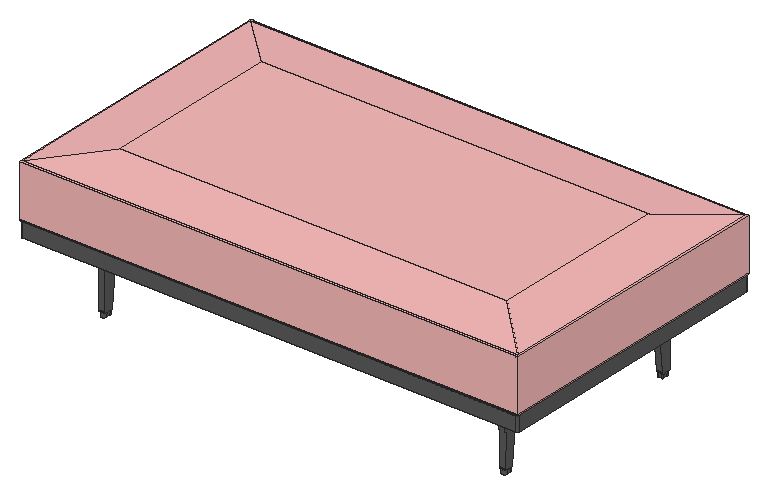
Revit family "Haworth_Lyda_Bench", category Furniture, Revit 2018
Family settings
  OmniClass Number = 23.40.70.14.64.21
  OmniClass Title = Systems Furniture
  Work Plane-Based = No
  Always vertical = Yes
  Cut with Voids When Loaded = No
  Shared = No
  Room Calculation Point = No
Parameters (values of type "Two Seat Bench")
  Warranty = "http://www.haworth.com/resources/product-info/warranties"
  Upholstery Finish [instance] = Haworth _ Fabric _ Atlas _ 501 LW-G
  URL - Product = "https://www.haworth.com/na/en/products/lounge-sofas/ottomans/lydalounge.html"
  URL = "www.haworth.com"
  Two Seats = yes
  Sustainability Info = "https://www.haworth.com/company-info/sustainability"
  Standard Width = "42.5, 56.5 in"  # constant formula
  Standard Depth = "32.75 in"  # constant formula
  Size = "Verify Final Dim. w/ Haworth"  # constant formula
  Revision Number = "1"  # constant formula
  One Seat = not(Two Seats)  # no
  Model = "HCCL-LYB2-22X"
  Manufacturer = "Haworth"  # constant formula
  Leg Offset = 5 1/2"  # constant formula
  Leg Finish = Haworth _ Paint _ Black
  Description = "Haworth - Lyda - Bench - Two Seat"
  Cushion Width = if(One Seat, 42 1/2", 56 1/2")  # 56 1/2"
  Cushion Depth = 32 1/4"  # constant formula
  Base Finish [instance] = Haworth _ Paint _ Black
  Author = "Haworth (Abd Rahman)"  # constant formula
  Assembly Code = "E2020200"
  Actual Width = if(One Seat, 42 1/2", 56 1/2")  # 56 1/2"
  Actual Height = 17"  # constant formula
  Actual Depth = 32 3/4"
Types (2): name | Two Seats | One Seat | Description | Cushion Width | Actual Width
  One Seat Bench | no | yes | "Haworth - Lyda - Bench - One Seat" | 42 1/2" | 42 1/2"
  Two Seat Bench | yes | no | "Haworth - Lyda - Bench - Two Seat" | 56 1/2" | 56 1/2"
Reference planes (in)
  plane 1: z = 0
  plane 2 "Center L/R": x = -6.17556
  plane 3 "Center F/B": y = -11.5
  plane 4 "Back": y = 4.875
  plane 5 "Front": y = -27.875
  plane 6 "Right": x = 22.07444
  plane 7 "Left": x = -34.42556
  plane 8: z = 17
  plane 9: z = 8.24731
  plane 10: z = 9.90088
  plane 11: z = 7.9995
  plane 12: x = -28.92556
  plane 13: x = 16.57444
Forms (in)
  Extrusion 1, solid, material "Haworth _ Paint _ Black" <- "Base Finish"
    sketch origin (0, 0, 0) x (1, 0, 0) y (0, 1, 0)
      loop
        arc (-34.1677, 4.875) -> (-34.35003, 4.79948) -> (-34.42556, 4.61715) r 0.25785
        line (-34.42556, 4.61715) -> (-34.42556, -27.625)
        arc (-34.42556, -27.625) -> (-34.35233, -27.80178) -> (-34.17556, -27.875) r 0.25
        line (-34.17556, -27.875) -> (21.82444, -27.875)
        arc (21.82444, -27.875) -> (22.00122, -27.80178) -> (22.07444, -27.625) r 0.25
        line (22.07444, -27.625) -> (22.07444, 4.625)
        arc (22.07444, 4.625) -> (22.00122, 4.80178) -> (21.82444, 4.875) r 0.25
        line (21.82444, 4.875) -> (-34.1677, 4.875)
    from 8.24731 to 9.90088
Lines and regions (in)
  Masking region 1
    outline origin (0, 0, 0) x (1, 0, 0) y (0, 1, 0)
      loop
        line (21.82444, 4.875) -> (-34.1677, 4.875)
        arc (-34.1677, 4.875) -> (-34.35003, 4.79948) -> (-34.42556, 4.61715) r 0.25785
        line (-34.42556, 4.61715) -> (-34.42556, -27.625)
        arc (-34.42556, -27.625) -> (-34.35233, -27.80178) -> (-34.17556, -27.875) r 0.25
        line (-34.17556, -27.875) -> (21.82444, -27.875)
        arc (21.82444, -27.875) -> (22.00122, -27.80178) -> (22.07444, -27.625) r 0.25
        line (22.07444, -27.625) -> (22.07444, 4.625)
        arc (22.07444, 4.625) -> (22.00122, 4.80178) -> (21.82444, 4.875) r 0.25
Dimensions and locks (in)
  equal spacing: plane 7 "Left", plane 2 "Center L/R", plane 6 "Right"
  "Actual Width": plane 7 "Left" to plane 6 "Right"
  equal spacing: plane 4 "Back", plane 3 "Center F/B", plane 5 "Front"
  "Actual Depth": plane 4 "Back" to plane 5 "Front"
  "Actual Height": plane 8 to level
  "Leg Offset": plane 7 "Left" to plane 12
  "Leg Offset": plane 13 to plane 6 "Right"
  aligned and locked: Extrusion 1 to plane 10
  aligned and locked: plane 9 to Extrusion 1
  aligned and locked: plane 2 "Center L/R" to nested 5
  aligned and locked: plane 3 "Center F/B" to nested 5
  aligned and locked: Extrusion 1 sketch curve to plane 7 "Left"
  aligned and locked: Extrusion 1 sketch curve to plane 6 "Right"
  aligned and locked: Extrusion 1 sketch curve to plane 4 "Back"
  aligned and locked: Extrusion 1 sketch curve to plane 5 "Front"
  aligned and locked: plane 10 to nested 5
  aligned and locked: plane 12 to nested 4
  aligned and locked: nested 2 to plane 12
  aligned and locked: plane 13 to nested 3
  aligned and locked: nested 1 to plane 13
  aligned and locked: Masking region 1 to plane 7 "Left"
  aligned and locked: Masking region 1 to plane 5 "Front"
  aligned and locked: plane 6 "Right" to Masking region 1
  aligned and locked: plane 4 "Back" to Masking region 1
Automatic sketch dimensions
  plane 7 "Left" to Extrusion 1 sketch curve = 1/4"
  Extrusion 1 sketch curve to plane 4 "Back" = 0.25785"
  Extrusion 1 sketch curve to plane 4 "Back" = 1/4"
  Extrusion 1 sketch curve to plane 6 "Right" = 1/4"
  Masking region 1 sketch curve to plane 7 "Left" = 0"
  Masking region 1 sketch curve to plane 5 "Front" = 0"
  Masking region 1 sketch curve to plane 4 "Back" = 0"
  Masking region 1 sketch curve to plane 6 "Right" = 0"
  Masking region 1 sketch curve to Masking region 1 sketch curve = 1/4"  (x2)
  plane 7 "Left" to Masking region 1 sketch curve = 0.25785"
  Masking region 1 sketch curve to plane 4 "Back" = 1/4"
Nested families (in)
  nested 1: "Haworth_Lyda_Leg_PART" at (22.70458, -7.34296, 0), Support Finish <- "Leg Finish", type "Leg - PART"
    with Support Finish Haworth _ Paint _ Black
  nested 2: "Haworth_Lyda_Leg_PART" at (-35.05569, -7.34296, 0) x (-1, 0, 0) z (0, 0, 1), Support Finish <- "Leg Finish", type "Leg - PART"
    with Support Finish Haworth _ Paint _ Black
  nested 3: "Haworth_Lyda_Leg_PART" at (22.70458, -15.65704, 0), Support Finish <- "Leg Finish", type "Leg - PART"
    with Support Finish Haworth _ Paint _ Black
  nested 4: "Haworth_Lyda_Leg_PART" at (-35.05569, -15.65704, 0) x (-1, 0, 0) z (0, 0, 1), Support Finish <- "Leg Finish", type "Leg - PART"
    with Support Finish Haworth _ Paint _ Black
  nested 5: "Haworth_Lyda_Cushion_Rectangle_PART" at (0, 3.39849, 0), Cushion Finish <- "Upholstery Finish", type "Cushion - PART"
    with Cushion Finish Haworth _ Fabric _ Atlas _ 501 LW-G
Definition of nested family "Haworth_Lyda_Leg_PART"
  Parameters (values of type "Leg - PART")
    Warranty = "http://www.haworth.com/resources/product-info/warranties"
    URL - Product = "https://www.haworth.com/na/en/products/lounge-sofas/ottomans/lydalounge.html"
    URL = "www.haworth.com"
    Sustainability Info = "https://www.haworth.com/company-info/sustainability"
    Support Finish [instance] = none
    Size = "Verify Final Dim. w/ Haworth"  # constant formula
    Revision Number = "1"  # constant formula
    Model = "Haworth Lyda"  # constant formula
    Manufacturer = "Haworth"  # constant formula
    Description = "Haworth - Lyda - Leg PART"  # constant formula
    Author = "Haworth (Abd Rahman)"  # constant formula
    Assembly Code = "E2020200"
    Actual Width = 3 1/4"  # constant formula
    Actual Height = 8 63/256"  # constant formula
    Actual Depth = 7 241/256"  # constant formula
  Reference planes (in)
    plane 1: z = 0
    plane 2: z = 8.24609
    plane 3: z = 7.9995
    plane 4 "Center (Front/Back)": y = -11.89763
    plane 5 "Right": x = -4.50514
    plane 6 "Left": x = -7.75514
    plane 7 "Center (Left/Right)": x = -6.13014
    plane 8 "Front": y = -15.86833
    plane 9 "Back": y = -7.92693
  Forms (in)
    Blend 1, solid, material <- "Support Finish"
      base sketch origin (-15.7151, 7.34424, 0) x (1, 0, 0) y (0, 1, 0)
        loop
          arc (10.9737, -15.75611) -> (10.90047, -15.57933) -> (10.7237, -15.50611) r 0.25
          line (10.7237, -15.50611) -> (8.44615, -15.50611)
          arc (8.44615, -15.50611) -> (8.26938, -15.57933) -> (8.19615, -15.75611) r 0.25
          line (8.19615, -15.75611) -> (8.19615, -22.72652)
          arc (8.19615, -22.72652) -> (8.28096, -22.91416) -> (8.47783, -22.97451) r 0.25
          line (8.47783, -22.97451) -> (9.08232, -22.89729)
          arc (9.08232, -22.89729) -> (9.58492, -23.2126) -> (10.08752, -22.89729) r 0.55823
          line (10.08752, -22.89729) -> (10.69202, -22.97451)
          arc (10.69202, -22.97451) -> (10.88889, -22.91416) -> (10.9737, -22.72652) r 0.25
          line (10.9737, -22.72652) -> (10.9737, -15.75611)
      top sketch origin (-15.7151, 7.34424, 0) x (1, 0, 0) y (0, 1, 0)
        loop
          arc (7.95996, -22.71316) -> (8.10642, -23.06673) -> (8.45999, -23.21316) r 0.5
          line (8.45999, -23.21316) -> (10.70997, -23.21304)
          arc (10.70997, -23.21304) -> (11.06351, -23.06658) -> (11.20994, -22.71304) r 0.5
          line (11.20994, -22.71304) -> (11.20994, -15.76992)
          arc (11.20994, -15.76992) -> (11.0635, -15.41636) -> (10.70994, -15.26992) r 0.5
          line (10.70994, -15.26992) -> (8.45996, -15.26992)
          arc (8.45996, -15.26992) -> (8.10641, -15.41636) -> (7.95996, -15.76992) r 0.5
          line (7.95996, -15.76992) -> (7.95996, -22.71316)
      from 7.9995 to 8.24731
    Extrusion 2, solid, material <- "Support Finish"
      sketch origin (-0.64065, 7.34424, 0) x (0, 1, 0) y (0, 0, 1)
        loop
          arc (-22.89729, 7.9995) -> (-23.09889, 8.06946) -> (-23.21382, 8.24927) r 0.32546
          line (-23.21382, 8.24927) -> (-23.14652, 0.56683)
          arc (-23.14652, 0.56683) -> (-23.12554, 0.5171) -> (-23.07562, 0.49656) r 0.0709
          line (-23.07562, 0.49656) -> (-22.29789, 0.49656)
          arc (-22.29789, 0.49656) -> (-22.25795, 0.51209) -> (-22.23899, 0.55052) r 0.05913
          arc (-22.23899, 0.55052) -> (-22.04885, 2.57156) -> (-21.83293, 4.59) r 159.07204
          arc (-21.83293, 4.59) -> (-21.73327, 5.12242) -> (-21.55814, 5.63499) r 3.75965
          arc (-21.55814, 5.63499) -> (-21.10365, 6.18486) -> (-20.4224, 6.39658) r 1.25
          line (-20.4224, 6.39658) -> (-17.30777, 6.4338)
          arc (-17.30777, 6.4338) -> (-16.18821, 6.89165) -> (-15.70269, 7.9995) r 1.61124
          line (-15.70269, 7.9995) -> (-22.89729, 7.9995)
      from -5.85929 to -5.16531
    Extrusion 3, solid, material <- "Support Finish"
      sketch origin (-15.7151, 7.34424, 0) x (1, 0, 0) y (0, 1, 0)
        loop
          arc (9.27139, -22.83335) -> (9.58492, -23.14688) -> (9.89846, -22.83335) r 0.31353
          line (9.89846, -22.83335) -> (9.89846, -22.36609)
          arc (9.89846, -22.36609) -> (9.86123, -22.27621) -> (9.77135, -22.23898) r 0.12711
          line (9.77135, -22.23898) -> (9.39989, -22.23898)
          arc (9.39989, -22.23898) -> (9.30903, -22.27662) -> (9.27139, -22.36748) r 0.1285
          line (9.27139, -22.36748) -> (9.27139, -22.83335)
      from 0 to 0.49656
  Cuts and joins
    joined: Blend 1, Extrusion 2, Extrusion 3
  Lines and regions (in)
    symbolic lines
      curve 1: line (-4.50515, -15.3688, 0) -> (-4.50515, -8.42567, 0)
      curve 2: arc (-4.50515, -8.42567, 0) -> (-4.6516, -8.07212, 0) -> (-5.00515, -7.92567, 0) r 0.5
      curve 3: line (-5.00515, -7.92567, 0) -> (-7.25514, -7.92567, 0)
      curve 4: arc (-7.25514, -7.92567, 0) -> (-7.60869, -8.07212, 0) -> (-7.75514, -8.42567, 0) r 0.5
      curve 5: line (-7.75514, -8.42567, 0) -> (-7.75514, -15.36892, 0)
      curve 6: arc (-7.75514, -15.36892, 0) -> (-7.60869, -15.72248, 0) -> (-7.25514, -15.86892, 0) r 0.5
      curve 7: arc (-5.00513, -15.8688, 0) -> (-4.65159, -15.72234, 0) -> (-4.50515, -15.3688, 0) r 0.5
      curve 8: line (-7.25514, -15.86892, 0) -> (-5.00511, -15.86892, 0)
  Dimensions and locks (in)
    equal spacing: plane 6 "Left", plane 7 "Center (Left/Right)", plane 5 "Right"
    "Actual Width": plane 6 "Left" to plane 5 "Right"
    equal spacing: plane 8 "Front", plane 4 "Center (Front/Back)", plane 9 "Back"
    "Actual Depth": plane 8 "Front" to plane 9 "Back"
    "Actual Height": plane 2 to level
  Automatic sketch dimensions
    Blend 1 sketch curve to Blend 1 sketch curve = 1/4"  (x3)
    Blend 1 sketch curve to Blend 1 sketch curve = 0.03168"  (x2)
    Blend 1 sketch curve to Blend 1 sketch curve = 0.60449"  (x2)
    Blend 1 sketch curve to Blend 1 sketch curve = 0.5026"  (x2)
    Blend 1 sketch curve to Blend 1 sketch curve = 2.27754"
    Blend 1 sketch curve to Blend 1 sketch curve = 0"
    Blend 1 sketch curve to Blend 1 sketch curve = 0.07722"
    Blend 1 sketch curve to Blend 1 sketch curve = 0.24292"
    Blend 1 sketch curve to Blend 1 sketch curve = 1/2"  (x3)
    Blend 1 sketch curve to Blend 1 sketch curve = 0.00003"  (x2)
    Blend 1 sketch curve to Blend 1 sketch curve = 2 1/4"  (x2)
    Blend 1 sketch curve to Blend 1 sketch curve = 0.00012"
    plane 3 to Extrusion 2 sketch curve = 0"
    Extrusion 2 sketch curve to plane 2 = 0.00318"
    level to Extrusion 2 sketch curve = 0.56683"
    Extrusion 2 sketch curve to Extrusion 2 sketch curve = 0.0709"
    Extrusion 2 sketch curve to Extrusion 2 sketch curve = 0.31654"
    Extrusion 2 sketch curve to Extrusion 2 sketch curve = 0.77773"
    plane 3 to Extrusion 2 sketch curve = 1.60292"
    Extrusion 2 sketch curve to Extrusion 2 sketch curve = 2.47489"
    Extrusion 2 sketch curve to Extrusion 2 sketch curve = 0.01494"
    Extrusion 2 sketch curve to Extrusion 2 sketch curve = 2.31023"
    Extrusion 2 sketch curve to plane 3 = 0.04553"
    Extrusion 2 sketch curve to Extrusion 2 sketch curve = 3.10911"
    plane 3 to Extrusion 2 sketch curve = 1.5657"
    Extrusion 2 sketch curve to Extrusion 2 sketch curve = 0.00552"
    Extrusion 2 sketch curve to level = 13.33836"
    Extrusion 2 sketch curve to Extrusion 2 sketch curve = 0.07028"
    Extrusion 2 sketch curve to Extrusion 2 sketch curve = 0.05913"
    Extrusion 2 sketch curve to Extrusion 2 sketch curve = 2.26753"
    Extrusion 2 sketch curve to Extrusion 2 sketch curve = 1.24991"
    Extrusion 2 sketch curve to Extrusion 2 sketch curve = 0"  (x2)
    Extrusion 3 sketch curve to Extrusion 3 sketch curve = 0.1285"
    Extrusion 3 sketch curve to Extrusion 3 sketch curve = 0.31353"
    Extrusion 3 sketch curve to Extrusion 3 sketch curve = 0.12711"
    Extrusion 3 sketch curve to Extrusion 3 sketch curve = 0.46587"
    Blend 1 sketch curve to plane 6 "Left" = 0.23619"
    Blend 1 sketch curve to plane 6 "Left" = 0"
    Extrusion 3 sketch curve to plane 6 "Left" = 1.31143"
    Blend 1 sketch curve to plane 4 "Center (Front/Back)" = 3.48576"
    Blend 1 sketch curve to plane 4 "Center (Front/Back)" = 3.47195"
    Extrusion 2 sketch curve to Extrusion 2 sketch curve = 151.92826"
    plane 4 "Center (Front/Back)" to Blend 1 sketch curve = 3.4125"
    plane 4 "Center (Front/Back)" to Blend 1 sketch curve = 3.47117"
    plane 4 "Center (Front/Back)" to Extrusion 2 sketch curve = 3.97195"
    plane 4 "Center (Front/Back)" to Extrusion 2 sketch curve = 3.90465"
    plane 4 "Center (Front/Back)" to Extrusion 3 sketch curve = 3.59148"
    curve 6 to plane 6 "Left" = 0"
    curve 6 to plane 6 "Left" = 1/2"
    curve 3 to plane 9 "Back" = 0.00125"
    curve 3 to plane 6 "Left" = 1/2"
    plane 5 "Right" to curve 7 = 1/2"
    plane 5 "Right" to curve 2 = 1/2"
    plane 5 "Right" to curve 1 = 0"
    curve 1 to plane 8 "Front" = 0.49953"
    curve 6 to plane 8 "Front" = 0.49941"
    plane 8 "Front" to curve 7 = 0.00047"
    curve 7 to curve 8 = 0"
    curve 8 to curve 7 = 0.00012"
Definition of nested family "Haworth_Lyda_Cushion_Rectangle_PART"
  Parameters (values of type "Cushion - PART")
    Warranty = "http://www.haworth.com/resources/product-info/warranties"
    URL - Product = "https://www.haworth.com/na/en/products/lounge-sofas/ottomans/lydalounge.html"
    URL = "www.haworth.com"
    Sustainability Info = "https://www.haworth.com/company-info/sustainability"
    Size = "Verify Final Dim. w/ Haworth"  # constant formula
    Seat Height = 17"  # constant formula
    Revision Number = "1"  # constant formula
    Model = "Haworth - Lyda"  # constant formula
    Manufacturer = "Haworth"  # constant formula
    Description = "Haworth - Lyda - Lounge - Cushion - Rectangle - PART"  # constant formula
    Cushion Finish [instance] = none
    Author = "Haworth (Abd Rahman)"  # constant formula
    Assembly Code = "E2020200"
    Actual Width = 56 1/2"
    Actual Height = 30 1/4"  # constant formula
    Actual Depth = 32 3/4"
  Reference planes (in)
    plane 1: z = 0
    plane 2 "Center L/R": x = -6.17556
    plane 3 "Front": y = -31.27349
    plane 4 "Right": x = 22.07444
    plane 5 "Left": x = -34.42556
    plane 6: z = 17
    plane 7: z = 8.24731
    plane 8: z = 9.90088
    plane 9: z = 7.9995
    plane 10: z = 30.25
    plane 11: x = -24.42556
    plane 12: x = 12.07444
    plane 13 "Back": y = 1.47651
    plane 14 "Center (Front/Back)": y = -14.89849
    plane 15: y = -8.52534
    plane 16: y = -21.27349
  Forms (in)
    Extrusion 1, solid, material <- "Cushion Finish"
      sketch origin (0, 0, 0) x (1, 0, 0) y (0, 1, 0)
        loop
          line (-24.42556, -8.52534) -> (-24.42556, -21.27349) -> (12.07444, -21.27349) -> (12.07444, -8.52534) -> (-24.42556, -8.52534)
      from 9.90088 to 16.68463
    Sweep 2, solid, material <- "Cushion Finish"
      path in 3D
        loop
          line (12.07444, -8.52534, 16.68463) -> (-24.42556, -8.52534, 16.68463) -> (-24.42556, -21.27349, 16.68463) -> (12.07444, -21.27349, 16.68463) -> (12.07444, -8.52534, 16.68463)
      profile origin (12.07444, -14.89941, 16.68463) x (-1, 0, 0) y (0, 0, 1)
        loop
          line (0, 0) -> (-3.70108, 0)
          arc (-3.70108, 0) -> (-6.80163, -0.15611) -> (-9.87082, -0.62287) r 30.86799
          arc (-9.87082, -0.62287) -> (-9.9636, -0.67895) -> (-10, -0.78107) r 0.16145
          line (-10, -0.78107) -> (-10, -6.65029)
          arc (-10, -6.65029) -> (-9.96149, -6.74327) -> (-9.8685, -6.78179) r 0.1315
          line (-9.8685, -6.78179) -> (0, -6.78179) -> (0, 0)
  Cuts and joins
    joined: Extrusion 1, Sweep 2
  Lines and regions (in)
    Masking region 1
      outline origin (0, 0, 0) x (1, 0, 0) y (0, 1, 0)
        loop
          line (-34.42736, 1.47641) -> (-34.42736, -31.27524) -> (22.07625, -31.27524) -> (22.07625, 1.47641) -> (-34.42736, 1.47641)
    sketch lines
      curve 1: line (12.07444, -21.27349, 16.68463) -> (12.07444, -8.52534, 16.68463)
      curve 2: line (12.07444, -8.52534, 16.68463) -> (-24.42556, -8.52534, 16.68463)
      curve 3: line (-24.42556, -8.52534, 16.68463) -> (-24.42556, -21.27349, 16.68463)
      curve 4: line (-24.42556, -21.27349, 16.68463) -> (12.07444, -21.27349, 16.68463)
  Dimensions and locks (in)
    equal spacing: plane 5 "Left", plane 2 "Center L/R", plane 4 "Right"
    "Actual Width": plane 5 "Left" to plane 4 "Right"
    "Seat Height": plane 6 to level
    "Actual Height": plane 10 to level
    locked: plane 12 to plane 4 "Right" at 10
    locked: plane 5 "Left" to plane 11 at 10
    equal spacing: plane 3 "Front", plane 14 "Center (Front/Back)", plane 13 "Back"
    "Actual Depth": plane 3 "Front" to plane 13 "Back"
    locked: plane 3 "Front" to plane 16 at 10
    locked: plane 15 to plane 13 "Back" at 10.00185
    aligned and locked: plane 12 to Extrusion 1 sketch curve
    aligned and locked: Extrusion 1 sketch curve to plane 11
    aligned and locked: plane 8 to Extrusion 1
    aligned and locked: Masking region 1 sketch curve to cut or joined group of Extrusion 1, Sweep 2  (x4)
    aligned and locked: Sweep 2 sketch curve to plane 4 "Right"
    aligned and locked: Extrusion 1 sketch curve to plane 16
    aligned and locked: plane 15 to Extrusion 1 sketch curve
  Automatic sketch dimensions
    Sweep 2 sketch curve to profile plane = 0"  (x2)
    profile plane to Sweep 2 sketch curve = 3.70108"
    Sweep 2 sketch curve to profile plane = 0.78107"
    Sweep 2 sketch curve to Sweep 2 sketch curve = 0.02996"
    Sweep 2 sketch curve to Sweep 2 sketch curve = 0.16145"
    Sweep 2 sketch curve to Sweep 2 sketch curve = 5.86922"
    Sweep 2 sketch curve to Sweep 2 sketch curve = 24.0862"
